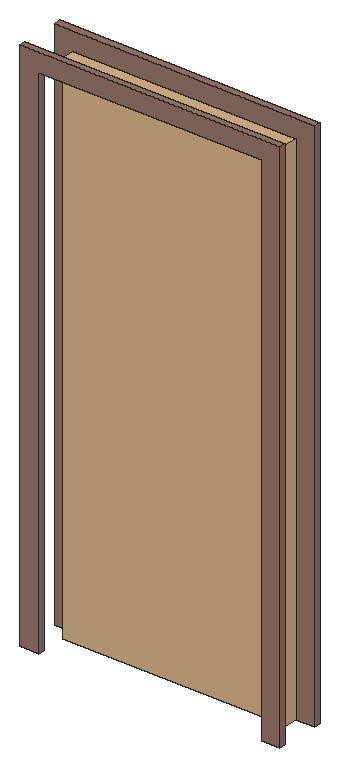
Revit family "0057_M_DR_W_single-flush-adjustable swing", category 문, Revit 2026
Family settings
  호스트 = 벽
  항상 수직 = 예
  로드될 때 보이드를 사용하여 절단 = 아니오
  공유 = 아니오
  룸 계산 점 = 아니오
Parameters (values of type "36" x 84"")
  두께 = 0' - 2"
  기능 = 내부
  Swing Angle [instance] = 45.00°
  조합 코드 = "C1020"
  Door Material = Door - Panel
  Frame Material = Door - Frame
  Height = 7' - 0"
  Trim Projection Ext = 0' - 1"
  Trim Projection Int = 0' - 1"
  Trim Width = 0' - 3"
  벽 마무리 = 호스트별
  Width = 3' - 0"
Types (7): name | Height | Width
  36" x 84" | 7' - 0" | 3' - 0"
  34" x 84" | 7' - 0" | 2' - 10"
  32" x 84" | 7' - 0" | 2' - 8"
  30" x 84" | 7' - 0" | 2' - 6"
  30" x 80" | 6' - 8" | 2' - 6"
  36" x 80" | 6' - 8" | 3' - 0"
  34" x 80" | 6' - 8" | 2' - 10"
Reference planes (in)
  plane 1: y = 0
  plane 2: z = 0
  plane 3: x = 0
  plane 4: x = -18
  plane 5: x = 18
  plane 6: z = 84
Forms (in)
  Extrusion 1, solid, material "Door - Panel" <- "Door Material"
    sketch origin (0, 0, 0) x (1, 0, 0) y (0, 0, 1)
      loop
        line (-18, 84) -> (-18, 0) -> (18, 0) -> (18, 84) -> (-18, 84)
    from -3 to -1
  Extrusion 2, solid, material "Door - Frame" <- "Frame Material"
    sketch origin (-60, -3, 0) x (1, 0, 0) y (0, 0, 1)
      loop
        line (39, 87) -> (39, 0) -> (42, 0) -> (42, 84) -> (78, 84) -> (78, 0) -> (81, 0) -> (81, 87) -> (39, 87)
    from 0 to 1
  Extrusion 3, solid, material "Door - Frame" <- "Frame Material"
    sketch origin (-60, 3, 0) x (-1, 0, 0) y (0, 0, 1)
      loop
        line (-81, 87) -> (-81, 0) -> (-78, 0) -> (-78, 84) -> (-42, 84) -> (-42, 0) -> (-39, 0) -> (-39, 87) -> (-81, 87)
    from 0 to 1
Lines and regions (in)
  Opening 1
    outline origin (-60, -3, 144) x (0, 0, -1) y (1, 0, 0)
      loop
        line (60, 42) -> (144, 42) -> (144, 78) -> (60, 78) -> (60, 42)
  model lines, style "DoorsFrameMullionProjection"
    curve 1: line (-21, -3, 0) -> (-21, -3, 87)
    curve 2: line (-21, -3, 87) -> (21, -3, 87)
    curve 3: line (21, -3, 87) -> (21, -3, 0)
    curve 4: line (21, 3, 0) -> (21, 3, 87)
    curve 5: line (-21, 3, 87) -> (21, 3, 87)
    curve 6: line (-21, 3, 87) -> (-21, 3, 0)
  symbolic lines, style "Elevation Swing"
    curve 7: line (-18, 0, 84) -> (18, 0, 42)
    curve 8: line (-18, 0, 0) -> (18, 0, 42)
  symbolic lines, style "DoorsPanelProjection"
    curve 9: line (-7.45584, 28.45584, 0) -> (-8.87006, 27.04163, 0)
    curve 10: line (-8.87006, 27.04163, 0) -> (16.58579, 1.58579, 0)
    curve 11: line (18, 3, 0) -> (16.58579, 1.58579, 0)
    curve 12: line (-7.45584, 28.45584, 0) -> (18, 3, 0)
  symbolic lines, style "Plan Swing"
    curve 13: arc (-7.4951, 28.4951, 0) -> (-15.31095, 16.79785, 0) -> (-18.05551, 3, 0) r 36.05551
Dimensions and locks (in)
  equal spacing: plane 4, plane 3, plane 5
  "Width": plane 4 to plane 5
  "Height": plane 6 to plane 2
  "Trim Width": plane 4 to curve 1
  "Trim Width": plane 5 to curve 3
  "Trim Width": plane 6 to curve 2
  locked: curve 5 to host wall
  "Trim Projection Ext": Extrusion 3 to host wall
  "Trim Projection Int": Extrusion 2 to host wall
  "두께": Extrusion 1 to host wall
  equal spacing: plane 6, curve 8, level
  "Width": curve 9 to curve 11
  "두께": curve 10 to curve 12
  "Swing Angle": angle curve 10 to host wall
  locked: curve 10 to curve 11 (angle 90.00°)
  aligned and locked: host wall to Extrusion 1
  aligned and locked: plane 2 to curve 1
  aligned and locked: curve 3 to level
  aligned and locked: curve 4 to curve 3
  aligned and locked: curve 2 to Extrusion 2 sketch curve
  aligned and locked: Extrusion 2 sketch curve to curve 1
  aligned and locked: Extrusion 2 sketch curve to curve 3
  aligned and locked: Extrusion 2 to Extrusion 3 sketch curve
  aligned and locked: Extrusion 3 sketch curve to Extrusion 2  (x2)
  aligned and locked: host wall to curve 12
  aligned and locked: Extrusion 1 to curve 13
Automatic sketch dimensions
  Opening 1 sketch curve to plane 6 = 0' - 0"
  Opening 1 sketch curve to level = 0' - 0"
  Opening 1 sketch curve to plane 4 = 0' - 0"
  Opening 1 sketch curve to plane 5 = 0' - 0"
  Extrusion 1 sketch curve to plane 4 = 0' - 0"
  Extrusion 1 sketch curve to plane 5 = 0' - 0"
  Extrusion 1 sketch curve to level = 0' - 0"
  Extrusion 1 sketch curve to plane 6 = 0' - 0"
  Extrusion 2 sketch curve to level = 0' - 0"  (x2)
  Extrusion 2 sketch curve to plane 4 = 0' - 0"
  Extrusion 2 sketch curve to plane 5 = 0' - 0"
  Extrusion 2 sketch curve to plane 6 = 0' - 0"
  Extrusion 3 sketch curve to level = 0' - 0"  (x2)
  Extrusion 3 sketch curve to plane 5 = 0' - 0"
  Extrusion 3 sketch curve to plane 4 = 0' - 0"
  Extrusion 3 sketch curve to plane 6 = 0' - 0"
  curve 7 to plane 4 = 0' - 0"
  curve 7 to plane 6 = 0' - 0"
  curve 8 to plane 5 = 0' - 0"
  curve 4 to level = 0' - 0"
  curve 8 to level = 0' - 0"
  curve 6 to level = 0' - 0"
  curve 8 to plane 4 = 0' - 0"
  curve 5 to curve 1 = 0' - 0"
  curve 6 to curve 1 = 0' - 0"
  curve 13 to plane 5 = 0' - 0"
  curve 12 to plane 5 = 0' - 0"
  curve 13 to curve 9 = 0' - 0.03925"
